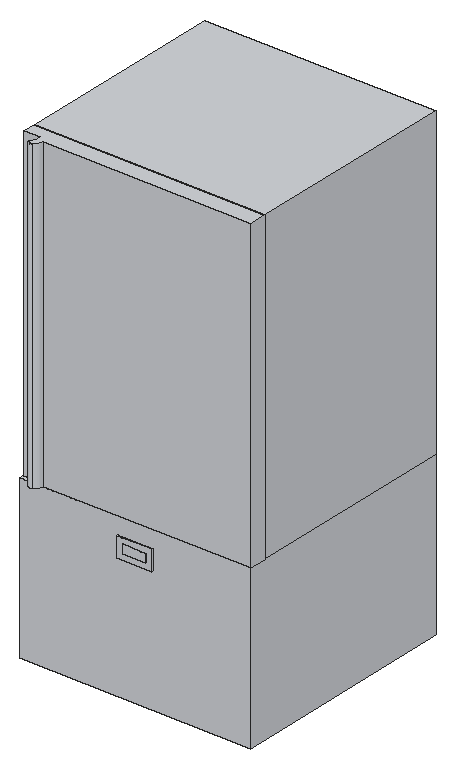
Revit family "Шкафы шоковой заморозки", category Оборудование, Revit 2020 (continued)
Automatic sketch dimensions
  Extrusion 6 to curve 3335 = 666.363 mm
  curve 3334 to curve 3335 = 15 mm
  curve 3389 to curve 3399 = 8.787 mm
  curve 3414 to curve 3415 = 15 mm
  curve 3421 to curve 3431 = 8.787 mm
  curve 3437 to curve 3447 = 8.787 mm
  curve 3365 to curve 3375 = 8.787 mm
  curve 3357 to curve 3367 = 8.787 mm
  curve 3453 to curve 3463 = 8.787 mm
  curve 3477 to curve 3487 = 8.787 mm
  curve 3445 to curve 3455 = 8.787 mm
  curve 3341 to curve 3351 = 8.787 mm
  curve 3461 to curve 3471 = 8.787 mm
  curve 3413 to curve 3423 = 8.787 mm
  curve 3397 to curve 3407 = 8.787 mm
  curve 3463 to curve 3454 = 6.213 mm
  curve 3399 to curve 3390 = 6.213 mm
  curve 3485 to curve 3486 = 15 mm
  curve 3455 to curve 3446 = 6.213 mm
  curve 3407 to curve 3398 = 6.213 mm
  curve 3391 to curve 3382 = 6.213 mm
  curve 3367 to curve 3358 = 6.213 mm
  curve 3471 to curve 3462 = 6.213 mm
  curve 3406 to curve 3486 = 0 mm
  curve 3343 to curve 3334 = 6.213 mm
  curve 3447 to curve 3438 = 6.213 mm
  curve 3423 to curve 3414 = 6.213 mm
  curve 3351 to curve 3342 = 6.213 mm
  curve 3487 to curve 3478 = 6.213 mm
  curve 3375 to curve 3366 = 6.213 mm
  curve 3383 to curve 3374 = 6.213 mm
  curve 3439 to curve 3430 = 6.213 mm
  curve 3431 to curve 3422 = 6.213 mm
  curve 3479 to curve 3470 = 6.213 mm
  curve 3359 to curve 3350 = 6.213 mm
  curve 3478 to curve 3317 = 14.238 mm
  curve 3350 to curve 3189 = 14.238 mm
  curve 3446 to curve 3285 = 14.238 mm
  curve 3334 to curve 3173 = 14.238 mm
  curve 3374 to curve 3213 = 14.238 mm
  curve 3454 to curve 3293 = 14.238 mm
  curve 3390 to curve 3229 = 14.238 mm
  curve 3358 to curve 3197 = 14.238 mm
  curve 3382 to curve 3221 = 14.238 mm
  curve 3438 to curve 3277 = 14.238 mm
  curve 3366 to curve 3205 = 14.238 mm
  curve 3414 to curve 3253 = 14.238 mm
  curve 3462 to curve 3301 = 14.238 mm
  curve 3342 to curve 3181 = 14.238 mm
  curve 3470 to curve 3309 = 14.238 mm
  curve 3422 to curve 3261 = 14.238 mm
  curve 3430 to curve 3269 = 14.238 mm
  curve 3398 to curve 3237 = 14.238 mm
  curve 3415 to curve 3245 = 20.46 mm
  curve 3335 to curve 3165 = 20.46 mm
  curve 3285 to curve 3447 = 0.762 mm
  curve 3237 to curve 3399 = 0.762 mm
  curve 3253 to curve 3415 = 0.762 mm
  curve 3486 to curve 3487 = 15 mm
  curve 3229 to curve 3391 = 0.762 mm
  curve 3261 to curve 3423 = 0.762 mm
  curve 3221 to curve 3383 = 0.762 mm
  curve 3269 to curve 3431 = 0.762 mm
  curve 3213 to curve 3375 = 0.762 mm
  curve 3277 to curve 3439 = 0.762 mm
  curve 3205 to curve 3367 = 0.762 mm
  curve 3317 to curve 3479 = 0.762 mm
  curve 3407 to curve 3487 = 0 mm
  curve 3197 to curve 3359 = 0.762 mm
  curve 3293 to curve 3455 = 0.762 mm
  curve 3189 to curve 3351 = 0.762 mm
  curve 3301 to curve 3463 = 0.762 mm
  curve 3173 to curve 3335 = 0.762 mm
  curve 3181 to curve 3343 = 0.762 mm
  curve 3309 to curve 3471 = 0.762 mm
  curve 3173 to curve 3174 = 15.009 mm
  curve 3213 to curve 3214 = 15.009 mm
  curve 3317 to curve 3318 = 15.009 mm
  curve 3293 to curve 3294 = 15.009 mm
  curve 3253 to curve 3254 = 15.009 mm
  curve 3285 to curve 3286 = 15.009 mm
  curve 3221 to curve 3222 = 15.009 mm
  curve 3277 to curve 3278 = 15.009 mm
  curve 3205 to curve 3206 = 15.009 mm
  curve 3245 to curve 3246 = 15 mm
  curve 3301 to curve 3302 = 15.009 mm
  curve 3229 to curve 3230 = 15.009 mm
  curve 3165 to curve 3166 = 15 mm
  curve 3189 to curve 3190 = 15.009 mm
  curve 3261 to curve 3262 = 15.009 mm
  curve 3269 to curve 3270 = 15.009 mm
  curve 3181 to curve 3182 = 15.009 mm
  curve 3237 to curve 3238 = 15.009 mm
  curve 3197 to curve 3198 = 15.009 mm
  curve 3309 to curve 3310 = 15.009 mm
  curve 3318 to curve 3309 = 6.213 mm
  curve 3190 to curve 3181 = 6.213 mm
  curve 3262 to curve 3253 = 6.213 mm
  curve 3222 to curve 3213 = 6.213 mm
  curve 3407 to curve 3237 = 20.46 mm
  curve 3302 to curve 3293 = 6.213 mm
  curve 3237 to curve 3317 = 0 mm
  curve 3278 to curve 3269 = 6.213 mm
  curve 3230 to curve 3221 = 6.213 mm
  curve 3182 to curve 3173 = 6.213 mm
  curve 3206 to curve 3197 = 6.213 mm
  curve 3198 to curve 3189 = 6.213 mm
  curve 3286 to curve 3277 = 6.213 mm
  curve 3270 to curve 3261 = 6.213 mm
  curve 3238 to curve 3229 = 6.213 mm
  curve 3174 to curve 3165 = 6.213 mm
  curve 3254 to curve 3245 = 6.213 mm
  curve 3310 to curve 3301 = 6.213 mm
  curve 3214 to curve 3205 = 6.213 mm
  curve 3294 to curve 3285 = 6.213 mm
  curve 3293 to curve 3303 = 8.787 mm
  curve 3197 to curve 3207 = 8.787 mm
  curve 3221 to curve 3231 = 8.787 mm
  curve 3246 to curve 3247 = 15 mm
  curve 3269 to curve 3279 = 8.787 mm
  curve 3261 to curve 3271 = 8.787 mm
  curve 3165 to curve 3175 = 8.787 mm
  curve 3213 to curve 3223 = 8.787 mm
  curve 3245 to curve 3255 = 8.787 mm
  curve 3253 to curve 3263 = 8.787 mm
  curve 3309 to curve 3319 = 8.787 mm
  curve 3285 to curve 3295 = 8.787 mm
  curve 3181 to curve 3191 = 8.787 mm
  curve 3229 to curve 3239 = 8.787 mm
  curve 3166 to curve 3167 = 15 mm
  curve 3277 to curve 3287 = 8.787 mm
  curve 3189 to curve 3199 = 8.787 mm
  curve 3301 to curve 3311 = 8.787 mm
  curve 3205 to curve 3215 = 8.787 mm
  curve 3173 to curve 3183 = 8.787 mm
  curve 3271 to curve 3262 = 6.213 mm
  curve 3239 to curve 3230 = 6.213 mm
  curve 3223 to curve 3214 = 6.213 mm
  curve 3317 to curve 3318 = 15 mm
  curve 3191 to curve 3182 = 6.213 mm
  curve 3279 to curve 3270 = 6.213 mm
  curve 3311 to curve 3302 = 6.213 mm
  curve 3199 to curve 3190 = 6.213 mm
  curve 3295 to curve 3286 = 6.213 mm
  curve 3303 to curve 3294 = 6.213 mm
  curve 3183 to curve 3174 = 6.213 mm
  curve 3215 to curve 3206 = 6.213 mm
  curve 3263 to curve 3254 = 6.213 mm
  curve 3175 to curve 3166 = 6.213 mm
  curve 3287 to curve 3278 = 6.213 mm
  curve 3207 to curve 3198 = 6.213 mm
  curve 3231 to curve 3222 = 6.213 mm
  curve 3319 to curve 3310 = 6.213 mm
  curve 3238 to curve 3318 = 0 mm
  curve 3255 to curve 3246 = 6.213 mm
  curve 3174 to curve 3184 = 8.787 mm
  curve 3214 to curve 3224 = 8.787 mm
  curve 3270 to curve 3280 = 8.787 mm
  curve 3310 to curve 3320 = 8.787 mm
  curve 3190 to curve 3200 = 8.787 mm
  curve 3198 to curve 3208 = 8.787 mm
  curve 3246 to curve 3256 = 8.787 mm
  curve 3286 to curve 3296 = 8.787 mm
  curve 3247 to curve 3248 = 15 mm
  curve 3206 to curve 3216 = 8.787 mm
  curve 3166 to curve 3176 = 8.787 mm
  curve 3254 to curve 3264 = 8.787 mm
  curve 3278 to curve 3288 = 8.787 mm
  curve 3302 to curve 3312 = 8.787 mm
  curve 3167 to curve 3168 = 15 mm
  curve 3294 to curve 3304 = 8.787 mm
  curve 3230 to curve 3240 = 8.787 mm
  curve 3182 to curve 3192 = 8.787 mm
  curve 3222 to curve 3232 = 8.787 mm
  curve 3262 to curve 3272 = 8.787 mm
  curve 3280 to curve 3271 = 6.213 mm
  curve 3240 to curve 3231 = 6.213 mm
  curve 3312 to curve 3303 = 6.213 mm
  curve 3176 to curve 3167 = 6.213 mm
  curve 3216 to curve 3207 = 6.213 mm
  curve 3318 to curve 3319 = 15 mm
  curve 3288 to curve 3279 = 6.213 mm
  curve 3208 to curve 3199 = 6.213 mm
  curve 3264 to curve 3255 = 6.213 mm
  curve 3232 to curve 3223 = 6.213 mm
  curve 3200 to curve 3191 = 6.213 mm
  curve 3320 to curve 3311 = 6.213 mm
  curve 3239 to curve 3319 = 0 mm
  curve 3192 to curve 3183 = 6.213 mm
  curve 3184 to curve 3175 = 6.213 mm
  curve 3304 to curve 3295 = 6.213 mm
  curve 3296 to curve 3287 = 6.213 mm
  curve 3272 to curve 3263 = 6.213 mm
  curve 3224 to curve 3215 = 6.213 mm
  curve 3256 to curve 3247 = 6.213 mm
  curve 3231 to curve 3241 = 8.787 mm
  curve 3303 to curve 3313 = 8.787 mm
  curve 3255 to curve 3265 = 8.787 mm
  curve 3183 to curve 3193 = 8.787 mm
  curve 3223 to curve 3233 = 8.787 mm
  curve 3295 to curve 3305 = 8.787 mm
  curve 3191 to curve 3201 = 8.787 mm
  curve 3263 to curve 3273 = 8.787 mm
  curve 3168 to curve 3169 = 15 mm
  curve 3215 to curve 3225 = 8.787 mm
  curve 3248 to curve 3249 = 15 mm
  curve 3247 to curve 3257 = 8.787 mm
  curve 3167 to curve 3177 = 8.787 mm
  curve 3311 to curve 3321 = 8.787 mm
  curve 3271 to curve 3281 = 8.787 mm
  curve 3287 to curve 3297 = 8.787 mm
  curve 3207 to curve 3217 = 8.787 mm
  curve 3199 to curve 3209 = 8.787 mm
  curve 3279 to curve 3289 = 8.787 mm
  curve 3175 to curve 3185 = 8.787 mm
  curve 3289 to curve 3280 = 6.213 mm
  curve 3225 to curve 3216 = 6.213 mm
  curve 3265 to curve 3256 = 6.213 mm
  curve 3241 to curve 3232 = 6.213 mm
  curve 3281 to curve 3272 = 6.213 mm
  curve 3313 to curve 3304 = 6.213 mm
  curve 3201 to curve 3192 = 6.213 mm
  curve 3297 to curve 3288 = 6.213 mm
  curve 3321 to curve 3312 = 6.213 mm
  curve 3257 to curve 3248 = 6.213 mm
  curve 3239 to curve 3240 = 15 mm
  curve 3305 to curve 3296 = 6.213 mm
  curve 3177 to curve 3168 = 6.213 mm
  curve 3273 to curve 3264 = 6.213 mm
  curve 3217 to curve 3208 = 6.213 mm
  curve 3209 to curve 3200 = 6.213 mm
  curve 3185 to curve 3176 = 6.213 mm
  curve 3193 to curve 3184 = 6.213 mm
  curve 3233 to curve 3224 = 6.213 mm
  curve 3240 to curve 3320 = 0 mm
  curve 3169 to curve 3170 = 15 mm
  curve 3184 to curve 3194 = 8.787 mm
  curve 3216 to curve 3226 = 8.787 mm
  curve 3232 to curve 3242 = 8.787 mm
  curve 3272 to curve 3282 = 8.787 mm
  curve 3280 to curve 3290 = 8.787 mm
  curve 3248 to curve 3258 = 8.787 mm
  curve 3249 to curve 3250 = 15 mm
  curve 3256 to curve 3266 = 8.787 mm
  curve 3200 to curve 3210 = 8.787 mm
  curve 3312 to curve 3322 = 8.787 mm
  curve 3304 to curve 3314 = 8.787 mm
  curve 3208 to curve 3218 = 8.787 mm
  curve 3176 to curve 3186 = 8.787 mm
  curve 3264 to curve 3274 = 8.787 mm
  curve 3296 to curve 3306 = 8.787 mm
  curve 3168 to curve 3178 = 8.787 mm
  curve 3288 to curve 3298 = 8.787 mm
  curve 3224 to curve 3234 = 8.787 mm
  curve 3192 to curve 3202 = 8.787 mm
  curve 3314 to curve 3305 = 6.213 mm
  curve 3242 to curve 3233 = 6.213 mm
  curve 3320 to curve 3321 = 15 mm
  curve 3226 to curve 3217 = 6.213 mm
  curve 3306 to curve 3297 = 6.213 mm
  curve 3282 to curve 3273 = 6.213 mm
  curve 3178 to curve 3169 = 6.213 mm
  curve 3258 to curve 3249 = 6.213 mm
  curve 3210 to curve 3201 = 6.213 mm
  curve 3298 to curve 3289 = 6.213 mm
  curve 3194 to curve 3185 = 6.213 mm
  curve 3266 to curve 3257 = 6.213 mm
  curve 3274 to curve 3265 = 6.213 mm
  curve 3322 to curve 3313 = 6.213 mm
  curve 3202 to curve 3193 = 6.213 mm
  curve 3290 to curve 3281 = 6.213 mm
  curve 3241 to curve 3321 = 0 mm
  curve 3218 to curve 3209 = 6.213 mm
  curve 3234 to curve 3225 = 6.213 mm
  curve 3186 to curve 3177 = 6.213 mm
  curve 3193 to curve 3203 = 8.787 mm
  curve 3313 to curve 3323 = 8.787 mm
  curve 3217 to curve 3227 = 8.787 mm
  curve 3281 to curve 3291 = 8.787 mm
  curve 3169 to curve 3179 = 8.787 mm
  curve 3170 to curve 3171 = 15 mm
  curve 3249 to curve 3259 = 8.787 mm
  curve 3273 to curve 3283 = 8.787 mm
  curve 3185 to curve 3195 = 8.787 mm
  curve 3257 to curve 3267 = 8.787 mm
  curve 3297 to curve 3307 = 8.787 mm
  curve 3265 to curve 3275 = 8.787 mm
  curve 3209 to curve 3219 = 8.787 mm
  curve 3305 to curve 3315 = 8.787 mm
  curve 3201 to curve 3211 = 8.787 mm
  curve 3177 to curve 3187 = 8.787 mm
  curve 3250 to curve 3251 = 15 mm
  curve 3233 to curve 3243 = 8.787 mm
  curve 3225 to curve 3235 = 8.787 mm
  curve 3289 to curve 3299 = 8.787 mm
  curve 3315 to curve 3306 = 6.213 mm
  curve 3291 to curve 3282 = 6.213 mm
  curve 3179 to curve 3170 = 6.213 mm
  curve 3203 to curve 3194 = 6.213 mm
  curve 3235 to curve 3226 = 6.213 mm
  curve 3323 to curve 3314 = 6.213 mm
  curve 3283 to curve 3274 = 6.213 mm
  curve 3243 to curve 3234 = 6.213 mm
  curve 3211 to curve 3202 = 6.213 mm
  curve 3195 to curve 3186 = 6.213 mm
  curve 3219 to curve 3210 = 6.213 mm
  curve 3275 to curve 3266 = 6.213 mm
  curve 3241 to curve 3242 = 15 mm
  curve 3242 to curve 3322 = 0 mm
  curve 3187 to curve 3178 = 6.213 mm
  curve 3267 to curve 3258 = 6.213 mm
  curve 3259 to curve 3250 = 6.213 mm
  curve 3227 to curve 3218 = 6.213 mm
  curve 3307 to curve 3298 = 6.213 mm
  curve 3299 to curve 3290 = 6.213 mm
  curve 3251 to curve 3252 = 15 mm  (x2)
  curve 3290 to curve 3300 = 8.787 mm
  curve 3226 to curve 3236 = 8.787 mm
  curve 3258 to curve 3268 = 8.787 mm
  curve 3194 to curve 3204 = 8.787 mm
  curve 3306 to curve 3316 = 8.787 mm
  curve 3250 to curve 3260 = 8.787 mm
  curve 3171 to curve 3172 = 15 mm  (x2)
  curve 3202 to curve 3212 = 8.787 mm
  curve 3266 to curve 3276 = 8.787 mm
  curve 3282 to curve 3292 = 8.787 mm
  curve 3218 to curve 3228 = 8.787 mm
  curve 3170 to curve 3180 = 8.787 mm
  curve 3274 to curve 3284 = 8.787 mm
  curve 3186 to curve 3196 = 8.787 mm
  curve 3210 to curve 3220 = 8.787 mm
  curve 3234 to curve 3244 = 8.787 mm
  curve 3298 to curve 3308 = 8.787 mm
  curve 3314 to curve 3324 = 8.787 mm
  curve 3178 to curve 3188 = 8.787 mm
  curve 3316 to curve 3307 = 6.213 mm
  curve 3228 to curve 3219 = 6.213 mm
  curve 3204 to curve 3195 = 6.213 mm
  curve 3292 to curve 3283 = 6.213 mm
  curve 3242 to curve 3243 = 15 mm
  curve 3180 to curve 3171 = 6.213 mm
  curve 3236 to curve 3227 = 6.213 mm
  curve 3300 to curve 3291 = 6.213 mm
  curve 3276 to curve 3267 = 6.213 mm
  curve 3188 to curve 3179 = 6.213 mm
  curve 3284 to curve 3275 = 6.213 mm
  curve 3220 to curve 3211 = 6.213 mm
  curve 3324 to curve 3315 = 6.213 mm
  curve 3212 to curve 3203 = 6.213 mm
  curve 3268 to curve 3259 = 6.213 mm
  curve 3260 to curve 3251 = 6.213 mm
  curve 3244 to curve 3235 = 6.213 mm
  curve 3196 to curve 3187 = 6.213 mm
  curve 3243 to curve 3323 = 0 mm
  curve 3308 to curve 3299 = 6.213 mm
  curve 3267 to curve 3268 = 15 mm
  curve 3235 to curve 3236 = 15 mm
  curve 3315 to curve 3316 = 15 mm
  curve 3227 to curve 3228 = 15 mm
  curve 3275 to curve 3276 = 15 mm
  curve 3195 to curve 3196 = 15 mm
  curve 3259 to curve 3260 = 15 mm
  curve 3219 to curve 3220 = 15 mm
  curve 3307 to curve 3308 = 15 mm
  curve 3323 to curve 3324 = 15 mm
  curve 3187 to curve 3188 = 15 mm
  curve 3244 to curve 3324 = 0 mm
  curve 3179 to curve 3180 = 15 mm
  curve 3283 to curve 3284 = 15 mm
  curve 3211 to curve 3212 = 15 mm
  curve 3291 to curve 3292 = 15 mm
  curve 3203 to curve 3204 = 15 mm
  curve 3299 to curve 3300 = 15 mm
  curve 3166 to curve 3165 = 1.647 mm
  curve 3167 to curve 3166 = 0 mm  (x2)
  curve 3168 to curve 3167 = 0 mm  (x2)
  curve 3172 to curve 3326 = 1.647 mm
  curve 3169 to curve 3168 = 0 mm  (x2)
  curve 3170 to curve 3169 = 0 mm  (x2)
  curve 3171 to curve 3170 = 0 mm  (x2)
  curve 3165 to curve 3335 = 19.566 mm
  curve 3165 to curve 3335 = 0 mm
  curve 3334 to curve 3335 = 0 mm
  curve 3166 to curve 3165 = 0 mm
  curve 3333 to curve 3334 = 0 mm
  curve 3172 to curve 3171 = 0 mm
  curve 3336 to curve 3337 = 0 mm
  curve 3335 to curve 3173 = 8.787 mm
  curve 3334 to curve 3343 = 8.787 mm
  curve 3171 to curve 3180 = 8.787 mm
  curve 3333 to curve 3342 = 8.787 mm
  curve 3170 to curve 3179 = 8.787 mm
  curve 3332 to curve 3341 = 8.787 mm
  curve 3169 to curve 3178 = 8.787 mm
  curve 3168 to curve 3177 = 8.787 mm
  curve 3167 to curve 3176 = 8.787 mm
  curve 3166 to curve 3175 = 8.787 mm
  curve 3165 to curve 3174 = 8.787 mm
  curve 3337 to curve 3336 = 0 mm
  curve 3176 to curve 3175 = 21.213 mm
  curve 3338 to curve 3337 = 0 mm
  curve 3176 to curve 3175 = 0 mm
  curve 3339 to curve 3338 = 0 mm
  curve 3177 to curve 3176 = 0 mm
  curve 3340 to curve 3339 = 0 mm
  curve 3178 to curve 3177 = 0 mm
  curve 3341 to curve 3340 = 0 mm
  curve 3179 to curve 3178 = 0 mm
  curve 3342 to curve 3341 = 0 mm
  curve 3180 to curve 3179 = 0 mm
  curve 3343 to curve 3342 = 0 mm
  curve 3173 to curve 3343 = 0 mm
  curve 3174 to curve 3173 = 0 mm
  curve 3336 to curve 3344 = 8.787 mm
  curve 3342 to curve 3351 = 8.787 mm
  curve 3341 to curve 3350 = 8.787 mm
  curve 3340 to curve 3349 = 8.787 mm
  curve 3339 to curve 3348 = 8.787 mm
  curve 3338 to curve 3347 = 8.787 mm
  curve 3337 to curve 3346 = 8.787 mm
  curve 3336 to curve 3345 = 8.787 mm
  curve 3174 to curve 3183 = 8.787 mm
  curve 3175 to curve 3184 = 8.787 mm
  curve 3176 to curve 3185 = 8.787 mm
  curve 3177 to curve 3186 = 8.787 mm
  curve 3178 to curve 3187 = 8.787 mm
  curve 3179 to curve 3188 = 8.787 mm
  curve 3343 to curve 3181 = 8.787 mm
  curve 3173 to curve 3182 = 8.787 mm
  curve 3348 to curve 3347 = 21.213 mm
  curve 3182 to curve 3181 = 21.213 mm
  curve 3188 to curve 3188 = 21.213 mm
  curve 3187 to curve 3188 = 0 mm
  curve 3186 to curve 3187 = 0 mm
  curve 3185 to curve 3186 = 0 mm
  curve 3184 to curve 3185 = 0 mm
  curve 3183 to curve 3184 = 0 mm
  curve 3345 to curve 3344 = 21.213 mm
  curve 3345 to curve 3344 = 0 mm
  curve 3346 to curve 3347 = 0 mm
  curve 3182 to curve 3183 = 0 mm
  curve 3348 to curve 3347 = 0 mm
  curve 3349 to curve 3348 = 0 mm
  curve 3350 to curve 3349 = 0 mm
  curve 3351 to curve 3350 = 0 mm
  curve 3347 to curve 3356 = 8.787 mm
  curve 3351 to curve 3189 = 8.787 mm
  curve 3346 to curve 3355 = 8.787 mm
  curve 3182 to curve 3191 = 8.787 mm
  curve 3345 to curve 3354 = 8.787 mm
  curve 3183 to curve 3192 = 8.787 mm
  curve 3344 to curve 3353 = 8.787 mm
  curve 3184 to curve 3193 = 8.787 mm
  curve 3352 to curve 3353 = 0 mm
  curve 3185 to curve 3194 = 8.787 mm
  curve 3348 to curve 3357 = 8.787 mm
  curve 3187 to curve 3196 = 8.787 mm
  curve 3186 to curve 3195 = 8.787 mm
  curve 3349 to curve 3358 = 8.787 mm
  curve 3350 to curve 3359 = 8.787 mm
  curve 3181 to curve 3190 = 8.787 mm
  curve 3196 to curve 3195 = 21.213 mm
  curve 3358 to curve 3357 = 21.213 mm
  curve 3189 to curve 3359 = 21.213 mm
  curve 3194 to curve 3195 = 0 mm
  curve 3356 to curve 3357 = 0 mm
  curve 3193 to curve 3194 = 0 mm
  curve 3196 to curve 3195 = 0 mm
  curve 3353 to curve 3352 = 21.213 mm
  curve 3192 to curve 3193 = 0 mm
  curve 3353 to curve 3352 = 0 mm
  curve 3191 to curve 3192 = 0 mm
  curve 3354 to curve 3353 = 0 mm
  curve 3355 to curve 3354 = 0 mm
  curve 3189 to curve 3359 = 0 mm
  curve 3358 to curve 3357 = 0 mm
  curve 3190 to curve 3191 = 0 mm
  curve 3357 to curve 3366 = 8.787 mm
  curve 3356 to curve 3365 = 8.787 mm
  curve 3355 to curve 3364 = 8.787 mm
  curve 3354 to curve 3363 = 8.787 mm
  curve 3195 to curve 3204 = 8.787 mm
  curve 3352 to curve 3361 = 8.787 mm
  curve 3194 to curve 3203 = 8.787 mm
  curve 3360 to curve 3361 = 0 mm
  curve 3193 to curve 3202 = 8.787 mm
  curve 3190 to curve 3199 = 8.787 mm
  curve 3191 to curve 3200 = 8.787 mm
  curve 3353 to curve 3362 = 8.787 mm
  curve 3359 to curve 3197 = 8.787 mm
  curve 3358 to curve 3367 = 8.787 mm
  curve 3192 to curve 3201 = 8.787 mm
  curve 3189 to curve 3198 = 8.787 mm
  curve 3363 to curve 3362 = 21.213 mm
  curve 3198 to curve 3197 = 21.213 mm
  curve 3204 to curve 3204 = 21.213 mm
  curve 3203 to curve 3204 = 0 mm
  curve 3202 to curve 3203 = 0 mm
  curve 3201 to curve 3202 = 0 mm
  curve 3200 to curve 3201 = 0 mm
  curve 3199 to curve 3200 = 0 mm
  curve 3361 to curve 3360 = 21.213 mm
  curve 3367 to curve 3197 = 0 mm
  curve 3366 to curve 3367 = 0 mm
  curve 3361 to curve 3362 = 0 mm
  curve 3365 to curve 3366 = 0 mm
  curve 3364 to curve 3365 = 0 mm
  curve 3198 to curve 3199 = 0 mm
  curve 3363 to curve 3362 = 0 mm
  curve 3198 to curve 3207 = 8.787 mm
  curve 3201 to curve 3210 = 8.787 mm
  curve 3199 to curve 3208 = 8.787 mm
  curve 3360 to curve 3368 = 8.787 mm
  curve 3202 to curve 3211 = 8.787 mm
  curve 3203 to curve 3212 = 8.787 mm
  curve 3360 to curve 3369 = 8.787 mm
  curve 3361 to curve 3370 = 8.787 mm
  curve 3362 to curve 3371 = 8.787 mm
  curve 3363 to curve 3372 = 8.787 mm
  curve 3364 to curve 3373 = 8.787 mm
  curve 3365 to curve 3374 = 8.787 mm
  curve 3367 to curve 3205 = 8.787 mm
  curve 3197 to curve 3206 = 8.787 mm
  curve 3366 to curve 3375 = 8.787 mm
  curve 3200 to curve 3209 = 8.787 mm
  curve 3372 to curve 3371 = 21.213 mm
  curve 3206 to curve 3205 = 21.213 mm
  curve 3212 to curve 3212 = 21.213 mm
  curve 3211 to curve 3212 = 0 mm
  curve 3210 to curve 3211 = 0 mm
  curve 3209 to curve 3210 = 0 mm
  curve 3208 to curve 3209 = 0 mm
  curve 3207 to curve 3208 = 0 mm
  curve 3369 to curve 3368 = 21.213 mm
  curve 3369 to curve 3368 = 0 mm
  curve 3370 to curve 3371 = 0 mm
  curve 3206 to curve 3207 = 0 mm
  curve 3372 to curve 3371 = 0 mm
  curve 3373 to curve 3372 = 0 mm
  curve 3374 to curve 3373 = 0 mm
  curve 3375 to curve 3374 = 0 mm
  curve 3375 to curve 3213 = 8.787 mm
  curve 3373 to curve 3382 = 8.787 mm
  curve 3374 to curve 3383 = 8.787 mm
  curve 3211 to curve 3220 = 8.787 mm
  curve 3371 to curve 3380 = 8.787 mm
  curve 3368 to curve 3376 = 8.787 mm
  curve 3210 to curve 3219 = 8.787 mm
  curve 3205 to curve 3214 = 8.787 mm
  curve 3209 to curve 3218 = 8.787 mm
  curve 3206 to curve 3215 = 8.787 mm
  curve 3368 to curve 3377 = 8.787 mm
  curve 3208 to curve 3217 = 8.787 mm
  curve 3370 to curve 3379 = 8.787 mm
  curve 3207 to curve 3216 = 8.787 mm
  curve 3369 to curve 3378 = 8.787 mm
  curve 3372 to curve 3381 = 8.787 mm
  curve 3379 to curve 3378 = 21.213 mm
  curve 3216 to curve 3215 = 21.213 mm
  curve 3377 to curve 3378 = 0 mm
  curve 3218 to curve 3217 = 21.213 mm
  curve 3379 to curve 3378 = 0 mm
  curve 3214 to curve 3215 = 0 mm
  curve 3376 to curve 3377 = 0 mm
  curve 3218 to curve 3217 = 0 mm
  curve 3219 to curve 3218 = 0 mm
  curve 3213 to curve 3383 = 21.213 mm
  curve 3220 to curve 3219 = 0 mm
  curve 3382 to curve 3383 = 0 mm
  curve 3213 to curve 3214 = 0 mm
  curve 3381 to curve 3382 = 0 mm
  curve 3216 to curve 3215 = 0 mm
  curve 3380 to curve 3381 = 0 mm
  curve 3376 to curve 3384 = 8.787 mm
  curve 3377 to curve 3386 = 8.787 mm
  curve 3378 to curve 3387 = 8.787 mm
  curve 3379 to curve 3388 = 8.787 mm
  curve 3380 to curve 3389 = 8.787 mm
  curve 3381 to curve 3390 = 8.787 mm
  curve 3382 to curve 3391 = 8.787 mm
  curve 3213 to curve 3222 = 8.787 mm
  curve 3219 to curve 3228 = 8.787 mm
  curve 3218 to curve 3227 = 8.787 mm
  curve 3383 to curve 3221 = 8.787 mm
  curve 3376 to curve 3385 = 8.787 mm
  curve 3214 to curve 3223 = 8.787 mm
  curve 3215 to curve 3224 = 8.787 mm
  curve 3217 to curve 3226 = 8.787 mm
  curve 3216 to curve 3225 = 8.787 mm
  curve 3386 to curve 3385 = 21.213 mm
  curve 3228 to curve 3228 = 21.213 mm
  curve 3226 to curve 3225 = 21.213 mm
  curve 3224 to curve 3225 = 0 mm
  curve 3227 to curve 3228 = 0 mm
  curve 3221 to curve 3391 = 21.213 mm
  curve 3223 to curve 3224 = 0 mm
  curve 3390 to curve 3391 = 0 mm
  curve 3226 to curve 3227 = 0 mm
  curve 3389 to curve 3390 = 0 mm
  curve 3222 to curve 3223 = 0 mm
  curve 3388 to curve 3389 = 0 mm
  curve 3387 to curve 3388 = 0 mm
  curve 3386 to curve 3387 = 0 mm
  curve 3384 to curve 3385 = 0 mm
  curve 3221 to curve 3222 = 0 mm
  curve 3388 to curve 3397 = 8.787 mm
  curve 3227 to curve 3236 = 8.787 mm
  curve 3222 to curve 3231 = 8.787 mm
  curve 3223 to curve 3232 = 8.787 mm
  curve 3224 to curve 3233 = 8.787 mm
  curve 3389 to curve 3398 = 8.787 mm
  curve 3384 to curve 3392 = 8.787 mm
  curve 3225 to curve 3234 = 8.787 mm
  curve 3384 to curve 3393 = 8.787 mm
  curve 3385 to curve 3394 = 8.787 mm
  curve 3226 to curve 3235 = 8.787 mm
  curve 3386 to curve 3395 = 8.787 mm
  curve 3391 to curve 3229 = 8.787 mm
  curve 3390 to curve 3399 = 8.787 mm
  curve 3387 to curve 3396 = 8.787 mm
  curve 3221 to curve 3230 = 8.787 mm
  curve 3233 to curve 3232 = 21.213 mm
  curve 3236 to curve 3236 = 21.213 mm
  curve 3233 to curve 3232 = 0 mm
  curve 3234 to curve 3233 = 0 mm
  curve 3229 to curve 3399 = 21.213 mm
  curve 3398 to curve 3399 = 0 mm
  curve 3235 to curve 3236 = 0 mm
  curve 3397 to curve 3398 = 0 mm
  curve 3396 to curve 3397 = 0 mm
  curve 3393 to curve 3392 = 21.213 mm
  curve 3393 to curve 3392 = 0 mm
  curve 3231 to curve 3230 = 21.213 mm
  curve 3394 to curve 3393 = 0 mm
  curve 3395 to curve 3394 = 0 mm
  curve 3229 to curve 3230 = 0 mm
  curve 3231 to curve 3232 = 0 mm
  curve 3398 to curve 3407 = 8.787 mm
  curve 3397 to curve 3406 = 8.787 mm
  curve 3396 to curve 3405 = 8.787 mm
  curve 3395 to curve 3404 = 8.787 mm
  curve 3394 to curve 3403 = 8.787 mm
  curve 3393 to curve 3402 = 8.787 mm
  curve 3392 to curve 3401 = 8.787 mm
  curve 3234 to curve 3243 = 8.787 mm
  curve 3400 to curve 3401 = 0 mm
  curve 3233 to curve 3242 = 8.787 mm
  curve 3230 to curve 3239 = 8.787 mm
  curve 3231 to curve 3240 = 8.787 mm
  curve 3235 to curve 3244 = 8.787 mm
  curve 3399 to curve 3237 = 8.787 mm
  curve 3232 to curve 3241 = 8.787 mm
  curve 3229 to curve 3238 = 8.787 mm
  curve 3240 to curve 3239 = 21.213 mm
  curve 3244 to curve 3243 = 21.213 mm
  curve 3401 to curve 3400 = 21.213 mm
  curve 3237 to curve 3407 = 21.213 mm
  curve 3240 to curve 3239 = 0 mm
  curve 3242 to curve 3243 = 0 mm
  curve 3401 to curve 3400 = 0 mm
  curve 3237 to curve 3407 = 0 mm
  curve 3402 to curve 3401 = 0 mm
  curve 3406 to curve 3407 = 0 mm
  curve 3403 to curve 3402 = 0 mm
  curve 3405 to curve 3406 = 0 mm
  curve 3238 to curve 3239 = 0 mm
  curve 3241 to curve 3242 = 0 mm
  curve 3404 to curve 3405 = 0 mm
  curve 3244 to curve 3243 = 0 mm
  curve 3407 to curve 3487 = 12.3 mm
  curve 3244 to curve 3324 = 12.3 mm
  curve 3238 to curve 3318 = 12.3 mm
  curve 3243 to curve 3323 = 12.3 mm
  curve 3242 to curve 3322 = 12.3 mm
  curve 3241 to curve 3321 = 12.3 mm
  curve 3237 to curve 3317 = 12.3 mm
  curve 3240 to curve 3320 = 12.3 mm
  curve 3239 to curve 3319 = 12.3 mm
  curve 3406 to curve 3486 = 12.3 mm
  curve 3400 to curve 3480 = 12.3 mm
  curve 3401 to curve 3481 = 12.3 mm
  curve 3402 to curve 3482 = 12.3 mm
  curve 3403 to curve 3483 = 12.3 mm
  curve 3404 to curve 3484 = 12.3 mm
  curve 3405 to curve 3485 = 12.3 mm
  curve 3318 to curve 3319 = 21.213 mm
  curve 3320 to curve 3319 = 0 mm
  curve 3482 to curve 3483 = 21.213 mm
  curve 3321 to curve 3320 = 0 mm
  curve 3482 to curve 3483 = 0 mm
  curve 3322 to curve 3321 = 0 mm
  curve 3481 to curve 3482 = 0 mm
  curve 3323 to curve 3322 = 0 mm
  curve 3324 to curve 3323 = 0 mm
  curve 3486 to curve 3487 = 21.213 mm
  curve 3318 to curve 3319 = 0 mm
  curve 3317 to curve 3318 = 0 mm
  curve 3486 to curve 3487 = 0 mm
  curve 3485 to curve 3486 = 0 mm
  curve 3484 to curve 3485 = 0 mm
  curve 3480 to curve 3481 = 0 mm
  curve 3485 to curve 3476 = 8.787 mm
  curve 3317 to curve 3479 = 8.787 mm
  curve 3487 to curve 3478 = 8.787 mm
  curve 3324 to curve 3315 = 8.787 mm
  curve 3316 to curve 3315 = 0 mm
  curve 3318 to curve 3309 = 8.787 mm
  curve 3484 to curve 3475 = 8.787 mm
  curve 3319 to curve 3310 = 8.787 mm
  curve 3322 to curve 3313 = 8.787 mm
  curve 3323 to curve 3314 = 8.787 mm
  curve 3320 to curve 3311 = 8.787 mm
  curve 3483 to curve 3474 = 8.787 mm
  curve 3486 to curve 3477 = 8.787 mm
  curve 3482 to curve 3473 = 8.787 mm
  curve 3481 to curve 3472 = 8.787 mm
  curve 3321 to curve 3312 = 8.787 mm
  curve 3313 to curve 3314 = 21.213 mm
  curve 3311 to curve 3312 = 21.213 mm
  curve 3311 to curve 3312 = 0 mm
  curve 3310 to curve 3311 = 0 mm
  curve 3309 to curve 3310 = 0 mm
  curve 3477 to curve 3478 = 21.213 mm
  curve 3477 to curve 3478 = 0 mm
  curve 3315 to curve 3316 = 21.213 mm
  curve 3313 to curve 3312 = 0 mm
  curve 3479 to curve 3478 = 0 mm
  curve 3480 to curve 3472 = 30 mm
  curve 3476 to curve 3477 = 0 mm
  curve 3473 to curve 3472 = 0 mm
  curve 3315 to curve 3314 = 0 mm
  curve 3474 to curve 3473 = 0 mm
  curve 3475 to curve 3474 = 0 mm
  curve 3315 to curve 3306 = 8.787 mm
  curve 3310 to curve 3301 = 8.787 mm
  curve 3311 to curve 3302 = 8.787 mm
  curve 3474 to curve 3465 = 8.787 mm
  curve 3312 to curve 3303 = 8.787 mm
  curve 3316 to curve 3308 = 8.787 mm
  curve 3478 to curve 3469 = 8.787 mm
  curve 3313 to curve 3304 = 8.787 mm
  curve 3476 to curve 3467 = 8.787 mm
  curve 3477 to curve 3468 = 8.787 mm
  curve 3314 to curve 3305 = 8.787 mm
  curve 3309 to curve 3471 = 8.787 mm
  curve 3316 to curve 3307 = 8.787 mm
  curve 3473 to curve 3464 = 8.787 mm
  curve 3479 to curve 3470 = 8.787 mm
  curve 3475 to curve 3466 = 8.787 mm
  curve 3301 to curve 3302 = 21.213 mm
  curve 3306 to curve 3307 = 21.213 mm
  curve 3306 to curve 3307 = 0 mm
  curve 3466 to curve 3467 = 21.213 mm
  curve 3305 to curve 3306 = 0 mm
  curve 3468 to curve 3467 = 0 mm
  curve 3469 to curve 3468 = 0 mm
  curve 3304 to curve 3305 = 0 mm
  curve 3308 to curve 3307 = 0 mm
  curve 3301 to curve 3302 = 0 mm
  curve 3464 to curve 3465 = 21.213 mm
  curve 3303 to curve 3304 = 0 mm
  curve 3466 to curve 3467 = 0 mm
  curve 3464 to curve 3465 = 0 mm
  curve 3470 to curve 3469 = 0 mm
  curve 3471 to curve 3470 = 0 mm
  curve 3307 to curve 3298 = 8.787 mm
  curve 3303 to curve 3294 = 8.787 mm
  curve 3302 to curve 3293 = 8.787 mm
  curve 3467 to curve 3458 = 8.787 mm
  curve 3468 to curve 3459 = 8.787 mm
  curve 3469 to curve 3460 = 8.787 mm
  curve 3470 to curve 3461 = 8.787 mm
  curve 3471 to curve 3462 = 8.787 mm
  curve 3301 to curve 3463 = 8.787 mm
  curve 3306 to curve 3297 = 8.787 mm
  curve 3305 to curve 3296 = 8.787 mm
  curve 3304 to curve 3295 = 8.787 mm
  curve 3466 to curve 3457 = 8.787 mm
  curve 3308 to curve 3299 = 8.787 mm
  curve 3465 to curve 3456 = 8.787 mm
  curve 3300 to curve 3299 = 0 mm  (x2)
  curve 3462 to curve 3463 = 21.213 mm
  curve 3294 to curve 3295 = 21.213 mm
  curve 3296 to curve 3295 = 0 mm
  curve 3294 to curve 3295 = 0 mm
  curve 3462 to curve 3463 = 0 mm
  curve 3293 to curve 3294 = 0 mm
  curve 3297 to curve 3298 = 21.213 mm
  curve 3457 to curve 3458 = 21.213 mm
  curve 3461 to curve 3462 = 0 mm
  curve 3299 to curve 3298 = 0 mm
  curve 3460 to curve 3461 = 0 mm
  curve 3457 to curve 3458 = 0 mm
  curve 3459 to curve 3458 = 0 mm
  curve 3456 to curve 3457 = 0 mm
  curve 3297 to curve 3296 = 0 mm
  curve 3297 to curve 3288 = 8.787 mm
  curve 3298 to curve 3289 = 8.787 mm
  curve 3463 to curve 3454 = 8.787 mm
  curve 3299 to curve 3290 = 8.787 mm
  curve 3296 to curve 3287 = 8.787 mm
  curve 3462 to curve 3453 = 8.787 mm
  curve 3300 to curve 3291 = 8.787 mm
  curve 3295 to curve 3286 = 8.787 mm
  curve 3461 to curve 3452 = 8.787 mm
  curve 3292 to curve 3291 = 0 mm
  curve 3460 to curve 3451 = 8.787 mm
  curve 3294 to curve 3285 = 8.787 mm
  curve 3459 to curve 3450 = 8.787 mm
  curve 3458 to curve 3449 = 8.787 mm
  curve 3293 to curve 3455 = 8.787 mm
  curve 3457 to curve 3448 = 8.787 mm
  curve 3291 to curve 3292 = 21.213 mm
  curve 3449 to curve 3450 = 21.213 mm
  curve 3451 to curve 3450 = 0 mm
  curve 3455 to curve 3285 = 21.213 mm
  curve 3452 to curve 3451 = 0 mm
  curve 3453 to curve 3452 = 0 mm
  curve 3291 to curve 3292 = 0 mm
  curve 3286 to curve 3285 = 0 mm
  curve 3454 to curve 3453 = 0 mm
  curve 3290 to curve 3291 = 0 mm
  curve 3455 to curve 3454 = 0 mm
  curve 3287 to curve 3286 = 0 mm
  curve 3289 to curve 3290 = 0 mm
  curve 3456 to curve 3448 = 30 mm
  curve 3288 to curve 3287 = 0 mm
  curve 3449 to curve 3450 = 0 mm
  curve 3291 to curve 3282 = 8.787 mm
  curve 3286 to curve 3277 = 8.787 mm
  curve 3453 to curve 3444 = 8.787 mm
  curve 3449 to curve 3440 = 8.787 mm
  curve 3292 to curve 3284 = 8.787 mm
  curve 3290 to curve 3281 = 8.787 mm
  curve 3287 to curve 3278 = 8.787 mm
  curve 3450 to curve 3441 = 8.787 mm
  curve 3455 to curve 3446 = 8.787 mm
  curve 3452 to curve 3443 = 8.787 mm
  curve 3288 to curve 3279 = 8.787 mm
  curve 3454 to curve 3445 = 8.787 mm
  curve 3289 to curve 3280 = 8.787 mm
  curve 3292 to curve 3283 = 8.787 mm
  curve 3285 to curve 3447 = 8.787 mm
  curve 3451 to curve 3442 = 8.787 mm
  curve 3446 to curve 3447 = 21.213 mm
  curve 3446 to curve 3447 = 0 mm
  curve 3282 to curve 3283 = 21.213 mm
  curve 3445 to curve 3446 = 0 mm
  curve 3282 to curve 3283 = 0 mm
  curve 3444 to curve 3445 = 0 mm
  curve 3281 to curve 3282 = 0 mm
  curve 3443 to curve 3444 = 0 mm
  curve 3280 to curve 3281 = 0 mm
  curve 3442 to curve 3443 = 0 mm
  curve 3279 to curve 3280 = 0 mm
  curve 3441 to curve 3442 = 0 mm
  curve 3278 to curve 3279 = 0 mm
  curve 3440 to curve 3441 = 0 mm
  curve 3284 to curve 3283 = 0 mm
  curve 3277 to curve 3278 = 0 mm
  curve 3281 to curve 3272 = 8.787 mm
  curve 3282 to curve 3273 = 8.787 mm
  curve 3446 to curve 3437 = 8.787 mm
  curve 3445 to curve 3436 = 8.787 mm
  curve 3283 to curve 3274 = 8.787 mm
  curve 3278 to curve 3269 = 8.787 mm
  curve 3444 to curve 3435 = 8.787 mm
  curve 3443 to curve 3434 = 8.787 mm
  curve 3284 to curve 3275 = 8.787 mm
  curve 3279 to curve 3270 = 8.787 mm
  curve 3442 to curve 3433 = 8.787 mm
  curve 3441 to curve 3432 = 8.787 mm
  curve 3276 to curve 3275 = 0 mm
  curve 3280 to curve 3271 = 8.787 mm
  curve 3447 to curve 3438 = 8.787 mm
  curve 3277 to curve 3439 = 8.787 mm
  curve 3271 to curve 3272 = 21.213 mm
  curve 3438 to curve 3439 = 21.213 mm
  curve 3440 to curve 3432 = 30 mm
  curve 3271 to curve 3272 = 0 mm
  curve 3433 to curve 3432 = 0 mm
  curve 3275 to curve 3276 = 21.213 mm
  curve 3434 to curve 3433 = 0 mm
  curve 3270 to curve 3271 = 0 mm
  curve 3435 to curve 3434 = 0 mm
  curve 3275 to curve 3276 = 0 mm
  curve 3436 to curve 3435 = 0 mm
  curve 3269 to curve 3270 = 0 mm
  curve 3437 to curve 3436 = 0 mm
  curve 3274 to curve 3275 = 0 mm
  curve 3438 to curve 3437 = 0 mm
  curve 3273 to curve 3272 = 0 mm
  curve 3269 to curve 3431 = 8.787 mm
  curve 3439 to curve 3430 = 8.787 mm
  curve 3273 to curve 3264 = 8.787 mm
  curve 3438 to curve 3429 = 8.787 mm
  curve 3437 to curve 3428 = 8.787 mm
  curve 3436 to curve 3427 = 8.787 mm
  curve 3435 to curve 3426 = 8.787 mm
  curve 3434 to curve 3425 = 8.787 mm
  curve 3433 to curve 3424 = 8.787 mm
  curve 3276 to curve 3268 = 8.787 mm
  curve 3276 to curve 3267 = 8.787 mm
  curve 3275 to curve 3266 = 8.787 mm
  curve 3274 to curve 3265 = 8.787 mm
  curve 3272 to curve 3263 = 8.787 mm
  curve 3271 to curve 3262 = 8.787 mm
  curve 3270 to curve 3261 = 8.787 mm
  curve 3430 to curve 3431 = 21.213 mm
  curve 3430 to curve 3431 = 0 mm
  curve 3429 to curve 3430 = 0 mm
  curve 3428 to curve 3429 = 0 mm
  curve 3427 to curve 3428 = 0 mm
  curve 3426 to curve 3427 = 0 mm
  curve 3425 to curve 3426 = 0 mm
  curve 3424 to curve 3425 = 0 mm
  curve 3261 to curve 3262 = 21.213 mm
  curve 3263 to curve 3262 = 0 mm
  curve 3264 to curve 3263 = 0 mm
  curve 3265 to curve 3264 = 0 mm
  curve 3267 to curve 3268 = 21.213 mm
  curve 3261 to curve 3262 = 0 mm
  curve 3267 to curve 3268 = 0 mm
  curve 3266 to curve 3265 = 0 mm
  curve 3428 to curve 3419 = 8.787 mm
  curve 3427 to curve 3418 = 8.787 mm
  curve 3430 to curve 3421 = 8.787 mm
  curve 3426 to curve 3417 = 8.787 mm
  curve 3262 to curve 3253 = 8.787 mm
  curve 3425 to curve 3416 = 8.787 mm
  curve 3263 to curve 3254 = 8.787 mm
  curve 3264 to curve 3255 = 8.787 mm
  curve 3261 to curve 3423 = 8.787 mm
  curve 3265 to curve 3256 = 8.787 mm
  curve 3429 to curve 3420 = 8.787 mm
  curve 3266 to curve 3257 = 8.787 mm
  curve 3268 to curve 3260 = 8.787 mm
  curve 3267 to curve 3258 = 8.787 mm
  curve 3268 to curve 3259 = 8.787 mm
  curve 3431 to curve 3422 = 8.787 mm
  curve 3259 to curve 3260 = 21.213 mm
  curve 3257 to curve 3258 = 21.213 mm
  curve 3257 to curve 3258 = 0 mm
  curve 3256 to curve 3257 = 0 mm
  curve 3416 to curve 3408 = 29.836 mm
  curve 3417 to curve 3416 = 0 mm
  curve 3418 to curve 3417 = 0 mm
  curve 3419 to curve 3418 = 0 mm
  curve 3420 to curve 3419 = 0 mm
  curve 3421 to curve 3420 = 0 mm
  curve 3423 to curve 3253 = 21.213 mm
  curve 3422 to curve 3421 = 0 mm
  curve 3254 to curve 3253 = 0 mm
  curve 3423 to curve 3422 = 0 mm
  curve 3259 to curve 3258 = 0 mm
  curve 3255 to curve 3256 = 0 mm
  curve 3252 to curve 3325 = 21.049 mm
  curve 3423 to curve 3414 = 8.787 mm
  curve 3260 to curve 3251 = 8.787 mm
  curve 3422 to curve 3413 = 8.787 mm
  curve 3259 to curve 3250 = 8.787 mm
  curve 3421 to curve 3412 = 8.787 mm
  curve 3258 to curve 3249 = 8.787 mm
  curve 3420 to curve 3411 = 8.787 mm
  curve 3257 to curve 3248 = 8.787 mm
  curve 3419 to curve 3410 = 8.787 mm
  curve 3256 to curve 3247 = 8.787 mm
  curve 3418 to curve 3409 = 8.787 mm
  curve 3255 to curve 3246 = 8.787 mm
  curve 3417 to curve 3408 = 8.787 mm
  curve 3253 to curve 3415 = 8.787 mm
  curve 3254 to curve 3245 = 8.787 mm
  Extrusion 11 sketch curve to plane 19 = 0 mm  (x2)
  Extrusion 11 sketch curve to plane 20 = 0 mm  (x2)
  Extrusion 11 sketch curve to plane 22 = 0 mm  (x2)
  Extrusion 11 sketch curve to plane 21 = 0 mm  (x2)
  radius of Extrusion 11 sketch curve = 40 mm  (x4)
Connectors
  electrical at (0, 0, 210)
    settings: on Extrusion 2, index 1, voltage 230 V, apparent load 0 VA, apparent load phase1 0 VA, apparent load phase2 0 VA, apparent load phase3 0 VA, power factor 1, load classification "Прочее", number of poles 1, system type 31, power factor state 1, is connector primary yes, connector utility no, sub classification motor no, connector description ""
Types (4, lengths in mm): name | Цена, руб. | Хладагент | Система электропитания, В/Гц | Размеры в упаковке, мм | Низкий | Масса охлаждаемого продукта, кг | Масса нетто/брутто, кг | Масса замораживаемого продукта, кг | Кол-во уровней под GN1/1 или EN40/60 | Габаритные размеры, мм | Высокий
  (no name) | "209 900" | "R404/R452" | "230/50" | "920х1860х1000" | no | "35" | "175/210" | "25" | "10" | "800х800х1670" | yes
  GR5-G | "155 500" | "R404" | "230/50" | "920х1150х1000" | yes | "20" | "115/135" | "12" | "5" | "800х800х900" | no
  GR10-G | "209 900" | "R404/R452" | "230/50" | "920х1860х1000" | no | "35" | "175/210" | "25" | "10" | "800х800х1670" | yes
  GR10-G (380 W) | "189 900" | "R404/R452" | "400/50" | "920х1860х1000" | no | "35" | "175/210" | "25" | "10" | "800х800х1670" | yes
